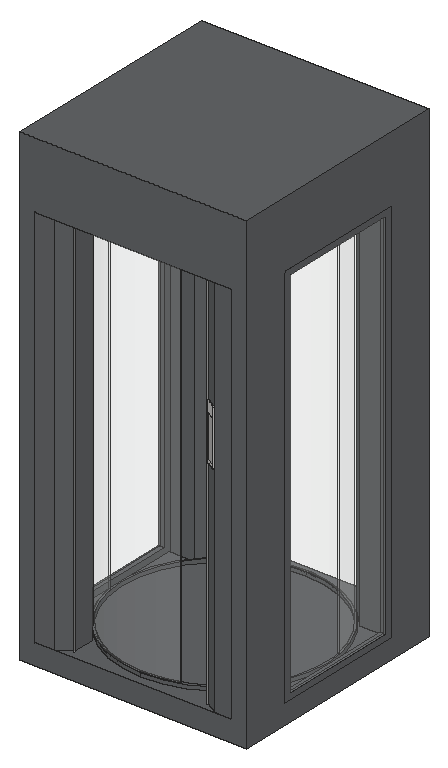
Revit family "CAME_Турникет_Полноростовой_GUARDIAN_CYLINDER", category Специальное оборудование, Revit 2019
Family settings
  Размер круглого соединителя = Использовать диаметр
  Тип детали = Нормальный
  На основе рабочей плоскости = Нет
  Всегда вертикально = Да
  При загрузке вырезать с полостями = Нет
  Общий = Нет
  Точка расчета площади = Нет
Parameters
  Шаг = 200 mm  # constant formula
  Описание = "Турникет шлюзовой полноростовый для объектов с высоким уровнем безопасности, моторизованный, для прохода в двух направлениях. Корпус из оцинкованной окрашенной стали, IP44. Двери закруглённой формы из многослойного ударопрочного стекла. Анимированный индикатор прохода и направления движения. Подсветка зоны прохода. Встроенный датчик взвешивания. ИК датчик роста. ИК датчк присутствия человека в зоне прохода. Приточная вентиляция. Кнопка аварийного открытия дверей. Совместим с досмотровыми системами и системами поэтапного контроля. Возможность дооснащения видеокамерой распознавания лиц и устройствами идентификации в рамках работы системы контроля доступа. *Опционально доступно пулестойкое стекло (класс B3) и исполнение IP56."
  Кол = 9  # constant formula
  Изготовитель = "CAME"  # constant formula
  Группа модели = "Турникеты"
  Watermark [instance] = "Модели защищены уникальным кодом"
  URL = "https://camerussia.com"
  CAME_Тип механизма турникета = "моторизованный"  # constant formula
  CAME_Напряжение электропитания двигателя (В) = 24 V  # constant formula
  CAME_Максимальное количество проходов в минуту = "10-25"  # constant formula
  CAME_Класс защиты (IP) = "44"  # constant formula
  CAME_Интенсивность использования (%) = "ИНТЕНСИВНОЕ"  # constant formula
  CAME_Диапазон рабочих температур (°C) = "-20 ÷ +68"  # constant formula
  BL_Разработано = "support@bimlib.pro"  # constant formula
  BL_Email = "cru.info@came.com"  # constant formula
  BL_BIM library = "https://bimlib.pro/manufacturer/came/cf0b6efe-31e5-4ffa-b7ea-1d6fa84041d4/?tab=products"
  ADSK_Размер_Ширина = 1200 mm  # constant formula
  ADSK_Размер_Глубина = 1200 mm  # constant formula
  ADSK_Размер_Высота = 2500 mm  # constant formula
  ADSK_Полная мощность = ADSK_Номинальная мощность / ADSK_Коэффициент мощности  # 20.8333 VA
  ADSK_Обозначение = "ТУ 26.30.50-001-89603926-2021"  # constant formula
  ADSK_Номинальная мощность = 20 W  # constant formula
  ADSK_Напряжение = 230 V  # constant formula
  ADSK_Наименование краткое = "Турникет GUARDIAN CYLINDER"  # constant formula
  ADSK_Наименование = "Турникет шлюзовой полноростовой, моторизированный GUARDIAN CYLINDER"  # constant formula
  ADSK_Масса_Текст = ""
  ADSK_Масса = 0  # constant formula
  ADSK_Марка = "АРТ:001CGG SQ AIR"  # constant formula
  ADSK_Коэффициент мощности = 0.96
  ADSK_Количество фаз = 1  # constant formula
  ADSK_Количество = 1  # constant formula
  ADSK_Код изделия = "Код КСР 26.30.50.119.61.2.07.09"  # constant formula
  ADSK_Классификация нагрузок = Прочее
  ADSK_Завод-изготовитель = "CAME"  # constant formula
  ADSK_Единица измерения = "шт."  # constant formula
  ADSK_Группирование = "GUARDIAN"  # constant formula
  ADSK_Версия семейства = "1.0"  # constant formula
  ADSK_Версия Revit = "2019"  # constant formula
  ADSK_URL страницы изделия = "https://camerussia.com/product/001cgg-sq-air/"
  ADSK_URL документации изделия = "https://camerussia.com/uploads/support/instructions/files/Инструкция%20GUARDIAN%20ECO%20-%20BTX.pdf"
Reference planes
  plane 1 "По центру (Вперед/Назад)": y = 0
  plane 2: z = 0
  plane 3 "По центру (Влево/Вправо)": x = 0
  plane 4: y = 600
  plane 5: y = -600
  plane 6: z = 2500
  plane 7: x = -600
  plane 8: x = 600
  plane 9: x = -350
  plane 10: x = 350
  plane 11: x = -570
  plane 12: x = 570
  plane 13: z = 2150
  plane 14: z = 105
  plane 15: y = 350
  plane 16: y = -350
  plane 17: z = 125
  plane 18: z = 2130
Forms (mm)
  Extrusion 1, solid, material "CAME_Сталь_Гальванизированная_ОкрашеннаяxЧерная", detail levels medium+fine
    sketch origin (0, 0, 0) x (1, 0, 0) y (0, 1, 0)
      loop
        line (-600, 600) -> (-600, -600) -> (600, -600) -> (600, 600) -> (-600, 600)
    from 0 to 105
  Extrusion 2, solid, material "CAME_Сталь_Гальванизированная_ОкрашеннаяxЧерная", detail levels medium+fine
    sketch origin (-925.693, -1524, 2150) x (-1, 0, 0) y (0, -1, 0)
      loop
        line (-325.693, -924) -> (-1525.693, -924) -> (-1525.693, -2124) -> (-325.693, -2124) -> (-325.693, -924)
    from 0 to 350
  Extrusion 3, solid, material "CAME_Сталь_Гальванизированная_ОкрашеннаяxЧерная", detail levels medium+fine
    sketch origin (852.406, -1524, 105) x (0, -1, 0) y (-1, 0, 0)
      loop
        line (-924, 1452.406) -> (-1174, 1452.406) -> (-1174, 1422.406) -> (-924, 1422.406) -> (-924, 1452.406)
      loop
        line (-2124, 1452.406) -> (-2124, 1422.406) -> (-1874, 1422.406) -> (-1874, 1452.406) -> (-2124, 1452.406)
      loop
        line (-924, 252.406) -> (-924, 282.406) -> (-1174, 282.406) -> (-1174, 252.406) -> (-924, 252.406)
      loop
        line (-2124, 252.406) -> (-1874, 252.406) -> (-1874, 282.406) -> (-2124, 282.406) -> (-2124, 252.406)
    from -2045 to 0
  Extrusion 4, solid, material "CAME_Сталь_Гальванизированная_ОкрашеннаяxЧерная", detail levels fine
    sketch origin (-600, -741.968, 1200) x (0, -1, 0) y (0, 0, 1)
      loop
        line (-1090.968, 949) -> (-1090.968, -1094) -> (-392.968, -1094) -> (-392.968, 949) -> (-1090.968, 949)
      loop
        line (-1060.968, 919) -> (-1060.968, -1064) -> (-422.968, -1064) -> (-422.968, 919) -> (-1060.968, 919)
    from 0 to -30
  Extrusion 5, solid, material "CAME_Сталь_Гальванизированная_ОкрашеннаяxЧерная", detail levels fine
    sketch origin (600, 748.337, 1200) x (0, 1, 0) y (0, 0, 1)
      loop
        line (-1067.337, 919) -> (-1067.337, -1064) -> (-429.337, -1064) -> (-429.337, 919) -> (-1067.337, 919)
      loop
        line (-399.337, 949) -> (-1097.337, 949) -> (-1097.337, -1094) -> (-399.337, -1094) -> (-399.337, 949)
    from 0 to -30
  Extrusion 6, solid, material "CAME_Стекло_Закаленное", detail levels fine
    sketch origin (-600, -741.968, 1200) x (0, -1, 0) y (0, 0, 1)
      loop
        line (-1060.968, -1064) -> (-422.968, -1064) -> (-422.968, 919) -> (-1060.968, 919) -> (-1060.968, -1064)
    from 0 to -10
  Extrusion 7, solid, material "CAME_Стекло_Закаленное", detail levels fine
    sketch origin (600, 748.337, 1200) x (0, 1, 0) y (0, 0, 1)
      loop
        line (-1067.337, 919) -> (-1067.337, -1064) -> (-429.337, -1064) -> (-429.337, 919) -> (-1067.337, 919)
    from 0 to -10
  Extrusion 8, solid, material "CAME_Стекло_Закаленное", detail levels fine
    sketch origin (-925.693, -1524, 125) x (-1, 0, 0) y (0, -1, 0)
      loop
        arc (-381.765, -1442.504) -> (-642.422, -1052.558) -> (-1109.095, -1005.479) r 550
        line (-1109.095, -1005.479) -> (-1105.761, -1014.907)
        arc (-1105.761, -1014.907) -> (-647.573, -1061.13) -> (-391.654, -1443.985) r 540
        line (-391.654, -1443.985) -> (-381.765, -1442.504)
      loop
        arc (-1469.622, -1605.496) -> (-1208.964, -1995.442) -> (-742.291, -2042.521) r 550
        line (-742.291, -2042.521) -> (-745.626, -2033.093)
        arc (-745.626, -2033.093) -> (-1203.814, -1986.87) -> (-1459.732, -1604.015) r 540
        line (-1459.732, -1604.015) -> (-1469.622, -1605.496)
    from 2005 to 0
  Extrusion 9, solid, material "CAME_Сталь_Гальванизированная_ОкрашеннаяxЧерная", detail levels fine
    sketch origin (852.406, -1524, 105) x (0, -1, 0) y (-1, 0, 0)
      loop
        circle (-1524, 852.406) r 550
      loop
        circle (-1524, 852.406) r 540
    from 0 to -20
  Extrusion 10, solid, material "CAME_Сталь_Гальванизированная_ОкрашеннаяxЧерная", detail levels fine
    sketch origin (-925.693, -1524, 2150) x (-1, 0, 0) y (0, -1, 0)
      loop
        circle (-925.693, -1524) r 550
      loop
        circle (-925.693, -1524) r 540
    from 0 to -20
  Extrusion 11, solid, material "CAME_Сталь_Гальванизированная_ОкрашеннаяxЧерная", detail levels medium+fine
    sketch origin (-925.693, -1524, 2150) x (-1, 0, 0) y (0, -1, 0)
      loop
        line (-1495.693, -924) -> (-1495.693, -1174) -> (-1360.693, -1174) -> (-1275.693, -1089) -> (-1275.693, -974) -> (-1347.401, -932.599) -> (-1445.693, -924) -> (-1495.693, -924)
      loop
        line (-355.693, -924) -> (-405.693, -924) -> (-503.985, -932.599) -> (-575.693, -974) -> (-575.693, -1089) -> (-490.693, -1174) -> (-355.693, -1174) -> (-355.693, -924)
      loop
        line (-1495.693, -2124) -> (-1445.693, -2124) -> (-1347.401, -2115.401) -> (-1275.693, -2074) -> (-1275.693, -1959) -> (-1360.693, -1874) -> (-1495.693, -1874) -> (-1495.693, -2124)
      loop
        line (-355.693, -2124) -> (-355.693, -1874) -> (-490.693, -1874) -> (-575.693, -1959) -> (-575.693, -2074) -> (-503.985, -2115.401) -> (-405.693, -2124) -> (-355.693, -2124)
    from 0 to -2045
  Extrusion 12, solid, material "CAME_Стекло_Закаленное", detail levels medium
    sketch origin (0, 0, 0) x (1, 0, 0) y (0, 0, 1)
      loop
        line (-600, 2150) -> (-600, 105) -> (-570, 105) -> (-570, 2150) -> (-600, 2150)
      loop
        line (570, 2150) -> (570, 105) -> (600, 105) -> (600, 2150) -> (570, 2150)
    from -350 to 350
  Extrusion 13, solid, material "CAME_Стекло_Закаленное", detail levels medium
    sketch origin (-925.693, -1524, 2150) x (-1, 0, 0) y (0, -1, 0)
      loop
        circle (-925.693, -1524) r 550
    from 0 to -2045
  Extrusion 14, solid, material "Индикатор синий", detail levels fine
    sketch origin (-925.693, -1524, 2150) x (-1, 0, 0) y (0, -1, 0)
      loop
        line (-575.693, -974) -> (-571.363, -971.5)
        arc (-571.363, -971.5) -> (-574.778, -970.585) -> (-575.693, -974) r 2.5
      loop
        arc (-1275.693, -974) -> (-1276.608, -970.585) -> (-1280.023, -971.5) r 2.5
        line (-1280.023, -971.5) -> (-1275.693, -974)
      loop
        arc (-575.693, -2074) -> (-574.778, -2077.415) -> (-571.363, -2076.5) r 2.5
        line (-571.363, -2076.5) -> (-575.693, -2074)
      loop
        line (-1275.693, -2074) -> (-1280.023, -2076.5)
        arc (-1280.023, -2076.5) -> (-1276.608, -2077.415) -> (-1275.693, -2074) r 2.5
    from 0 to -2045
  Extrusion 15, solid, material "CAME_Сталь_Нержавеющая_AISI 304", detail levels fine
    sketch origin (350, -550, 2150) x (0.866025, -0.5, 0) y (0, 0, 1)
      loop
        arc (17.801, -600) -> (14.266, -601.464) -> (12.801, -605) r 5
        line (12.801, -605) -> (12.801, -895)
        arc (12.801, -895) -> (14.266, -898.536) -> (17.801, -900) r 5
        line (17.801, -900) -> (67.801, -900)
        arc (67.801, -900) -> (71.337, -898.536) -> (72.801, -895) r 5
        line (72.801, -895) -> (72.801, -605)
        arc (72.801, -605) -> (71.337, -601.464) -> (67.801, -600) r 5
        line (67.801, -600) -> (17.801, -600)
    from 0 to 2
  Extrusion 16, solid, material "CAME_Сталь_Нержавеющая_AISI 304", detail levels fine
    sketch origin (-350, 550, 2150) x (-0.866025, 0.5, 0) y (0, 0, 1)
      loop
        arc (67.801, -900) -> (71.337, -898.536) -> (72.801, -895) r 5
        line (72.801, -895) -> (72.801, -605)
        arc (72.801, -605) -> (71.337, -601.464) -> (67.801, -600) r 5
        line (67.801, -600) -> (17.801, -600)
        arc (17.801, -600) -> (14.266, -601.464) -> (12.801, -605) r 5
        line (12.801, -605) -> (12.801, -895)
        arc (12.801, -895) -> (14.266, -898.536) -> (17.801, -900) r 5
        line (17.801, -900) -> (67.801, -900)
    from 0 to 2
  Extrusion 17, solid, material "CAME_Стекло_Закаленное_Черное", detail levels fine
    sketch origin (-349, 551.732, 2150) x (-0.866025, 0.5, 0) y (0, 0, 1)
      loop
        line (67.801, -875) -> (67.801, -665)
        arc (67.801, -665) -> (66.337, -661.464) -> (62.801, -660) r 5
        line (62.801, -660) -> (22.801, -660)
        arc (22.801, -660) -> (19.266, -661.464) -> (17.801, -665) r 5
        line (17.801, -665) -> (17.801, -875)
        arc (17.801, -875) -> (19.266, -878.536) -> (22.801, -880) r 5
        line (22.801, -880) -> (62.801, -880)
        arc (62.801, -880) -> (66.337, -878.536) -> (67.801, -875) r 5
    from 0 to 1
  Extrusion 18, solid, material "CAME_Стекло_Закаленное_Черное", detail levels fine
    sketch origin (349, -551.732, 2150) x (0.866025, -0.5, 0) y (0, 0, 1)
      loop
        line (17.801, -665) -> (17.801, -875)
        arc (17.801, -875) -> (19.266, -878.536) -> (22.801, -880) r 5
        line (22.801, -880) -> (62.801, -880)
        arc (62.801, -880) -> (66.337, -878.536) -> (67.801, -875) r 5
        line (67.801, -875) -> (67.801, -665)
        arc (67.801, -665) -> (66.337, -661.464) -> (62.801, -660) r 5
        line (62.801, -660) -> (22.801, -660)
        arc (22.801, -660) -> (19.266, -661.464) -> (17.801, -665) r 5
    from 0 to 1
Cuts and joins
  joined: Extrusion 1, Extrusion 2, Extrusion 3, Extrusion 11
Lines and regions (mm)
  model lines, style "CAME", detail levels coarse
    curve 1: line (-600, 600, 0) -> (-350, 600, 0)
    curve 2: line (600, 600, 0) -> (600, -600, 0)
    curve 3: line (600, -600, 0) -> (350, -600, 0)
    curve 4: line (-600, -600, 0) -> (-600, 600, 0)
    curve 5: arc (-350, 424.264, 0) -> (-550, 0, 0) -> (-350, -424.264, 0) r 550
    curve 6: line (-350, -600, 0) -> (-350, -424.264, 0)
    curve 7: line (350, -600, 0) -> (350, -424.264, 0)
    curve 8: line (350, 424.264, 0) -> (350, 600, 0)
    curve 9: line (-350, 600, 0) -> (-350, 424.264, 0)
    curve 10: arc (350, -424.264, 0) -> (550, 0, 0) -> (350, 424.264, 0) r 550
    curve 11: line (350, 600, 0) -> (600, 600, 0)
    curve 12: line (-350, -600, 0) -> (-600, -600, 0)
    curve 13: circle (0, 0, 0) r 500 normal (0, 0, 1)
Dimensions and locks
  equal spacing: plane 5, plane 1 "По центру (Вперед/Назад)", plane 4
  "ADSK_Размер_Глубина": plane 5 to plane 4
  "ADSK_Размер_Высота": plane 6 to plane 2
  equal spacing: plane 7, plane 3 "По центру (Влево/Вправо)", plane 8
  "ADSK_Размер_Ширина": plane 7 to plane 8
  plane 9 to plane 3 "По центру (Влево/Вправо)" to plane 10 = 350 mm locked, 350 mm locked
  plane 11 to plane 3 "По центру (Влево/Вправо)" to plane 12 = 570 mm locked, 570 mm locked
  locked: plane 6 to plane 13 at 350
  locked: plane 14 to plane 2 at 105
  plane 15 to plane 1 "По центру (Вперед/Назад)" to plane 16 = 350 mm locked, 350 mm locked
  locked: plane 13 to Extrusion 4 sketch curve at 1
  locked: plane 14 to Extrusion 4 sketch curve at 1
  locked: plane 15 to Extrusion 4 sketch curve at 1
  locked: Extrusion 4 sketch curve to plane 16 at 1
  locked: Extrusion 4 sketch curve to Extrusion 4 sketch curve at 30  (x4)
  locked: plane 13 to plane 18 at 20
  locked: plane 17 to plane 14 at 20
  equal spacing: cut or joined group of Extrusion 1, Extrusion 2, Extrusion 3, Extrusion 11, Extrusion 15 sketch curve, Extrusion 15 sketch curve, cut or joined group of Extrusion 1, Extrusion 2, Extrusion 3, Extrusion 11
  Extrusion 15 sketch curve to Extrusion 15 sketch curve to cut or joined group of Extrusion 1, Extrusion 2, Extrusion 3, Extrusion 11 = 300 mm, 600 mm
  Extrusion 16 sketch curve to Extrusion 16 sketch curve to cut or joined group of Extrusion 1, Extrusion 2, Extrusion 3, Extrusion 11 = 300 mm locked, 600 mm locked
  equal spacing: cut or joined group of Extrusion 1, Extrusion 2, Extrusion 3, Extrusion 11, Extrusion 16 sketch curve, Extrusion 16 sketch curve, cut or joined group of Extrusion 1, Extrusion 2, Extrusion 3, Extrusion 11
  aligned and locked: level to plane 2
  aligned and locked: Extrusion 1 sketch curve to plane 4
  aligned and locked: Extrusion 1 sketch curve to plane 7
  aligned and locked: Extrusion 1 sketch curve to plane 5
  aligned and locked: Extrusion 1 sketch curve to plane 8
  aligned and locked: Extrusion 1 to plane 14
  aligned and locked: plane 7 to Extrusion 2 sketch curve
  aligned and locked: plane 8 to Extrusion 2 sketch curve
  aligned and locked: plane 4 to Extrusion 2 sketch curve
  aligned and locked: plane 5 to Extrusion 2 sketch curve
  aligned and locked: plane 6 to Extrusion 2
  aligned and locked: Extrusion 2 to plane 13
  aligned and locked: Extrusion 3 sketch curve to plane 7  (x2)
  aligned and locked: Extrusion 3 sketch curve to plane 11  (x2)
  aligned and locked: Extrusion 3 sketch curve to plane 12  (x2)
  aligned and locked: Extrusion 3 sketch curve to plane 8  (x2)
  aligned and locked: Extrusion 3 sketch curve to plane 5  (x2)
  aligned and locked: Extrusion 3 sketch curve to plane 4  (x2)
  aligned and locked: Extrusion 3 sketch curve to plane 15  (x2)
  aligned and locked: Extrusion 3 sketch curve to plane 16  (x2)
  aligned and locked: plane 14 to Extrusion 3
  aligned and locked: plane 13 to Extrusion 3
  aligned and locked: Extrusion 4 to plane 7
  aligned and locked: plane 11 to Extrusion 4
  aligned and locked: Extrusion 5 sketch curve to Extrusion 4  (x8)
  aligned and locked: Extrusion 5 to plane 8
  aligned and locked: plane 12 to Extrusion 5
  aligned and locked: Extrusion 6 sketch curve to Extrusion 4  (x4)
  aligned and locked: Extrusion 6 to plane 7
  aligned and locked: Extrusion 7 sketch curve to Extrusion 5  (x4)
  aligned and locked: Extrusion 7 to plane 8
  aligned and locked: Extrusion 8 to plane 18
  aligned and locked: Extrusion 9 to Extrusion 8
  aligned and locked: plane 14 to Extrusion 9
  aligned and locked: Extrusion 10 to plane 13
  aligned and locked: Extrusion 10 to Extrusion 8
  aligned and locked: plane 14 to Extrusion 11
  aligned and locked: Extrusion 12 sketch curve to plane 13  (x2)
  aligned and locked: Extrusion 12 sketch curve to plane 14  (x2)
  aligned and locked: Extrusion 12 sketch curve to plane 12
  aligned and locked: Extrusion 12 sketch curve to plane 8
  aligned and locked: Extrusion 12 sketch curve to plane 11
  aligned and locked: Extrusion 12 sketch curve to plane 7
  aligned and locked: plane 15 to Extrusion 12
  aligned and locked: plane 16 to Extrusion 12
  aligned and locked: plane 14 to Extrusion 13
  aligned and locked: plane 13 to Extrusion 13
  aligned and locked: plane 14 to Extrusion 14
  aligned and locked: plane 13 to Extrusion 14
  aligned and locked: curve 1 to plane 4
  aligned and locked: curve 4 to plane 7
  aligned and locked: curve 3 to plane 5
  aligned and locked: curve 2 to plane 8
  aligned and locked: plane 1 "По центру (Вперед/Назад)" to curve 5
  aligned and locked: plane 3 "По центру (Влево/Вправо)" to curve 5
  aligned and locked: curve 9 to plane 9
  aligned and locked: curve 8 to plane 10
  aligned and locked: curve 7 to plane 10
  aligned and locked: plane 9 to curve 6
  aligned and locked: plane 1 "По центру (Вперед/Назад)" to curve 13
  aligned and locked: plane 1 "По центру (Вперед/Назад)" to curve 10
  aligned and locked: plane 3 "По центру (Влево/Вправо)" to curve 13
  aligned and locked: plane 3 "По центру (Влево/Вправо)" to curve 10
Automatic sketch dimensions
  Extrusion 9 sketch curve to Extrusion 9 sketch curve = 0 mm  (x2)
  plane 1 "По центру (Вперед/Назад)" to Extrusion 9 sketch curve = 0 mm
  Extrusion 9 sketch curve to plane 3 "По центру (Влево/Вправо)" = 0 mm
  Extrusion 10 sketch curve to Extrusion 10 sketch curve = 0 mm  (x2)
  plane 1 "По центру (Вперед/Назад)" to Extrusion 10 sketch curve = 0 mm
  Extrusion 10 sketch curve to plane 3 "По центру (Влево/Вправо)" = 0 mm
  plane 5 to Extrusion 11 sketch curve = 0 mm  (x2)
  Extrusion 11 sketch curve to plane 12 = 0 mm  (x2)
  Extrusion 11 sketch curve to plane 4 = 0 mm  (x2)
  Extrusion 11 sketch curve to plane 15 = 0 mm  (x2)
  plane 16 to Extrusion 11 sketch curve = 0 mm  (x2)
  Extrusion 11 sketch curve to plane 10 = 0 mm  (x2)
  Extrusion 11 sketch curve to plane 9 = 0 mm  (x2)
  Extrusion 11 sketch curve to plane 11 = 0 mm  (x2)
  plane 12 to Extrusion 11 sketch curve = 50 mm  (x2)
  Extrusion 11 sketch curve to plane 10 = 85 mm  (x2)
  Extrusion 11 sketch curve to plane 4 = 8.599 mm  (x2)
  Extrusion 11 sketch curve to plane 10 = 71.708 mm  (x2)
  Extrusion 11 sketch curve to plane 5 = 8.599 mm  (x2)
  Extrusion 11 sketch curve to plane 9 = 71.708 mm  (x2)
  Extrusion 11 sketch curve to plane 9 = 85 mm  (x2)
  plane 11 to Extrusion 11 sketch curve = 50 mm  (x2)
  Extrusion 11 sketch curve to plane 4 = 50 mm  (x2)
  plane 15 to Extrusion 11 sketch curve = 85 mm  (x2)
  plane 16 to Extrusion 11 sketch curve = 85 mm  (x2)
  Extrusion 11 sketch curve to plane 5 = 50 mm  (x2)
  Extrusion 8 sketch curve to Extrusion 8 sketch curve = 0 mm  (x12)
  plane 1 "По центру (Вперед/Назад)" to Extrusion 8 sketch curve = 0 mm
  Extrusion 8 sketch curve to plane 3 "По центру (Влево/Вправо)" = 0 mm
  plane 10 to Extrusion 8 sketch curve = 169.933 mm
  Extrusion 8 sketch curve to plane 5 = 81.479 mm
  Extrusion 8 sketch curve to Extrusion 8 sketch curve = 3.335 mm  (x2)
  plane 12 to Extrusion 8 sketch curve = 35.961 mm
  Extrusion 8 sketch curve to Extrusion 8 sketch curve = 9.89 mm  (x2)
  Extrusion 8 sketch curve to plane 4 = 90.907 mm
  Extrusion 8 sketch curve to plane 3 "По центру (Влево/Вправо)" = 180.067 mm
  Extrusion 8 sketch curve to plane 4 = 81.479 mm
  plane 11 to Extrusion 8 sketch curve = 35.961 mm
  Extrusion 8 sketch curve to Extrusion 8 sketch curve = 1.482 mm
  plane 1 "По центру (Вперед/Назад)" to Extrusion 13 sketch curve = 0 mm
  Extrusion 13 sketch curve to plane 3 "По центру (Влево/Вправо)" = 0 mm
  Extrusion 14 sketch curve to plane 10 = 0 mm  (x2)
  Extrusion 14 sketch curve to plane 9 = 0 mm  (x2)
  Extrusion 14 sketch curve to plane 10 = 2.165 mm  (x2)
  Extrusion 14 sketch curve to Extrusion 14 sketch curve = 2.165 mm  (x4)
  Extrusion 14 sketch curve to plane 9 = 2.165 mm  (x2)
  Extrusion 14 sketch curve to plane 4 = 47.5 mm  (x2)
  Extrusion 14 sketch curve to Extrusion 14 sketch curve = 1.25 mm  (x4)
  Extrusion 14 sketch curve to plane 5 = 50 mm  (x2)
  Extrusion 11 to Extrusion 15 sketch curve = 12.801 mm
  Extrusion 15 sketch curve to Extrusion 15 sketch curve = 5 mm  (x3)
  Extrusion 15 sketch curve to Extrusion 11 = 15 mm  (x2)
  Extrusion 11 to Extrusion 16 sketch curve = 12.801 mm
  Extrusion 16 sketch curve to Extrusion 16 sketch curve = 5 mm  (x2)
  Extrusion 16 sketch curve to Extrusion 11 = 15 mm  (x2)
  Extrusion 16 sketch curve to Extrusion 11 = 10 mm
  Extrusion 17 sketch curve to Extrusion 16 = 5 mm  (x2)
  Extrusion 17 sketch curve to Extrusion 17 sketch curve = 5 mm  (x2)
  Extrusion 17 sketch curve to Extrusion 17 sketch curve = 40 mm
  Extrusion 17 sketch curve to Extrusion 16 = 10 mm
  Extrusion 17 sketch curve to Extrusion 16 = 20 mm
  Extrusion 17 sketch curve to Extrusion 16 = 65 mm
  Extrusion 18 sketch curve to Extrusion 15 = 5 mm  (x2)
  Extrusion 18 sketch curve to Extrusion 18 sketch curve = 5 mm  (x2)
  Extrusion 18 sketch curve to Extrusion 15 = 10 mm  (x2)
  Extrusion 18 sketch curve to Extrusion 15 = 20 mm
  Extrusion 18 sketch curve to Extrusion 15 = 65 mm
  plane 5 to curve 12 = 0 mm
  curve 8 to plane 4 = 0 mm
  plane 16 to curve 6 = 74.264 mm
  plane 16 to curve 7 = 74.264 mm
  radius of Extrusion 9 sketch curve = 550 mm
  radius of Extrusion 9 sketch curve = 540 mm
  radius of Extrusion 10 sketch curve = 550 mm
  radius of Extrusion 10 sketch curve = 540 mm
  radius of Extrusion 13 sketch curve = 550 mm
  radius of curve 13 = 500 mm
Connectors
  electrical at (0, 0, 0), driven by "ADSK_Количество фаз", driven by "ADSK_Напряжение", driven by "ADSK_Полная мощность", driven by "ADSK_Коэффициент мощности"
    settings: on cut or joined group of Extrusion 1, Extrusion 2, Extrusion 3, Extrusion 11, index 1, voltage 230 V, apparent load 0 VA, apparent load phase1 20.8333 VA, apparent load phase2 0 VA, apparent load phase3 0 VA, power factor 0.96, load classification "Прочее", number of poles 1, system type 31, power factor state 1, is connector primary yes, connector utility no, sub classification motor no, connector description ""
